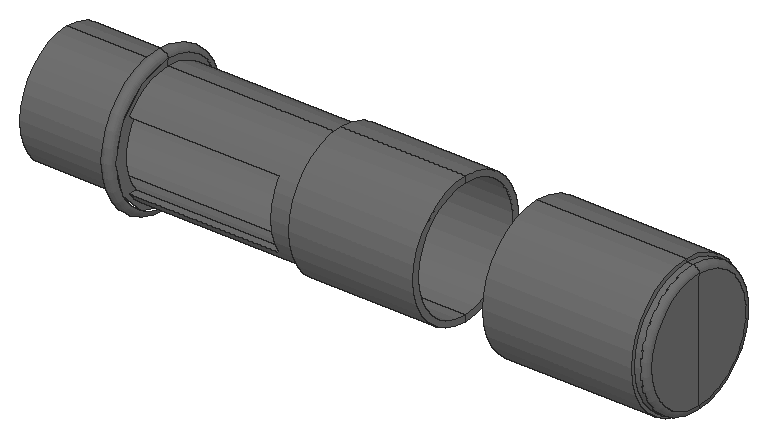
Revit family
Parameters
  offset [instance] = 0' - 0"
  Warranty Duration (Years) = 0
  Unit Width = 0' - 8"
  Unit Height = 1' - 0"
  Unit Depth = 0' - 1"
  URL = "http://www.americanspecialties.com/viewCategories.cfm"
  Trim Material = Plastic
  Specification = "http://www.arcat.com/sdspecs/htm/10810asi.htm"
  SpecWizard = ""
  Send Message = "http://www.arcat.com/users.pl?action=UserEmail&company=American%20Specialties,%20Inc.&coid=30448&rep=139&fax=914-476-0688&mf="
  Sales Information = "http://www.americanspecialties.com/contact"
  Revision = "R1_10-2010"
  Product Properties = "http://www.americanspecialties.com/datasheets/R-009.PDF"
  Product Data = "http://www.arcat.com/arcatcos/cos30/arc30448.html"
  Model = "As Specified in 10 28 13"
  Manufacturer Website = "http://www.americanspecialties.com/viewCategories.cfm"
  Manufacturer Phone - Toll Free = ""
  Manufacturer Phone = "914-476-9000 "
  Manufacturer Fax = "914-476-0688"
  Manufacturer Address = "441 Saw Mill River Rd., Yonkers, NY 10701"
  Manufacturer = "American Specialties, Inc."
  Maintenance Schedule (Months) = 0
  Keynote = "10 28 13"
  Installation-Fabrication = "http://www.americanspecialties.com/products.cfm"
  Installation Phase = ""
  Green Building-LEED = "http://www.arcat.com/green/clients/leed_data_30448.html"
  Expected Lifespan (Years) = 0
  Drawn By = "Robert S. Weygant, CSI, CDT, SCIP"
  Description = "Toilet Accessory as Specified in 10 28 13"
  Default Elevation = 4' - 0"
  Copyright = "©Arcat Inc."
  Construction Details = "http://www.americanspecialties.com/products.cfm"
  Body Material = Plastic
  Assembly Code = "C1030210"
Reference planes (in)
  plane 1 "Center (Front/Back)": y = 0
  plane 2 "Bottom": z = 0
  plane 3 "Center (Left/Right)": x = 0
  plane 4 "Front": y = -5.51892
  plane 5 "Back": y = 7
  plane 6 "Left": x = -14.704
  plane 7 "Right": x = 16
  plane 8 "Top": z = 80.19785
Forms (in)
  Revolve 1, solid, material "Plastic" <- "Body Material"
    sketch origin (-0.25, 0, 0) x (1, 0, 0) y (0, 0, 1)
      loop
        line (-3.75, 0.59375) -> (-3.75, 0.53125) -> (-1, 0.53125) -> (-1, 0.59375) -> (-2.73969, 0.59375) -> (-2.73969, 0.65625)
        arc (-2.73969, 0.65625) -> (-2.80219, 0.71875) -> (-2.86469, 0.65625) r 0.0625
        line (-2.86469, 0.65625) -> (-2.86469, 0.59375) -> (-3.75, 0.59375)
      loop
        line (0.96875, 0.6875) -> (0.96875, 0.65625) -> (2.46875, 0.65625) -> (2.46875, 0.6875) -> (0.96875, 0.6875)
      axis (2.46875, 0) -> (-3.75, 0)
    angle from 0 to 360
  Revolve 2, solid, material "Plastic" <- "Body Material"
    sketch origin (-0.25, 0, 0) x (1, 0, 0) y (0, 0, 1)
      loop
        line (2.46875, 0.65625) -> (2.46875, 0) -> (2.59375, 0) -> (2.59375, 0.59375)
        arc (2.59375, 0.59375) -> (2.57544, 0.63794) -> (2.53125, 0.65625) r 0.0625
        line (2.53125, 0.65625) -> (2.46875, 0.65625)
      axis (2.46875, 0) -> (2.59375, 0)
    angle from 0 to 360
  Revolve 3, solid, material "Plastic" <- "Body Material"
    sketch origin (-0.25, 0, 0) x (1, 0, 0) y (0, 0, 1)
      loop
        line (-1, 0.59375) -> (0.25, 0.59375) -> (0.25, 0.65625) -> (-1, 0.65625) -> (-1, 0.59375)
      axis (-1, 0) -> (0.25, 0)
    angle from 0 to 360
  Extrusion 4, void
    sketch origin (-0.25, 0, 0) x (1, 0, 0) y (0, 0, 1)
      loop
        line (-2.73969, -0.34375) -> (-1.22634, -0.34375) -> (-1.22634, 0.34375) -> (-2.73969, 0.34375) -> (-2.73969, -0.34375)
    from 0.37392 to 0.74795
Cuts and joins
  Extrusion 4 cuts Revolve 1
